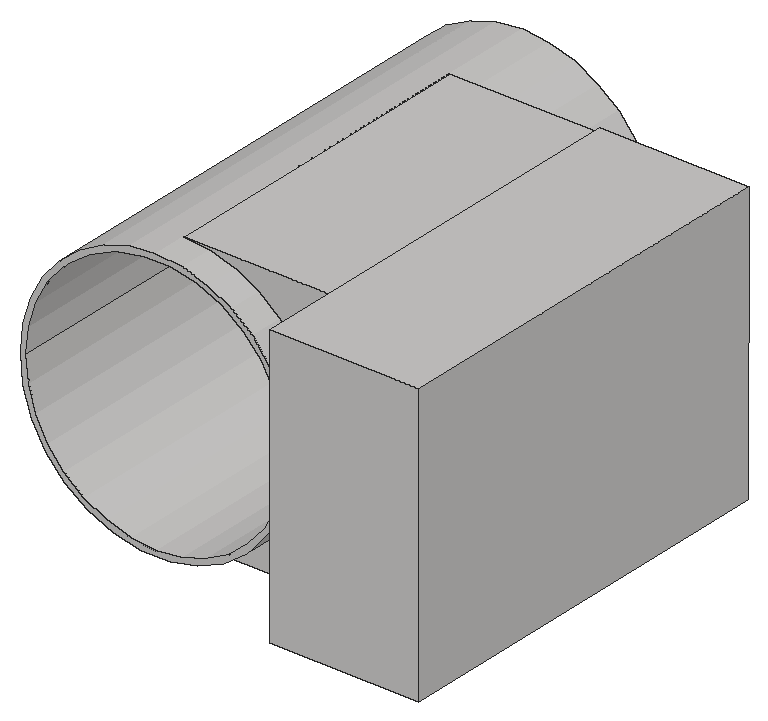
Revit family
Parameters
  Unit Weight = "23.0 lbs"
  URL = "http://www.titus-hvac.com/"
  Static Pressure [instance] = 0.00 in-wg
  Nominal Width = 1' - 7"
  Nominal Length = 1' - 10"
  Nominal Inlet Size = 1' - 0"
  Nominal Inlet Length = 1' - 8"
  Nominal Height = 1' - 0 1/4"
  Model = "DECV"
  Min. Air Flow = 0 CFM
  Max. Air Flow = 2000 CFM
  Material = Steel
  Manufacturer = "Titus"
  Inlet Radius = 0' - 5 15/16"
  Inlet Opening Radius = 0' - 5 11/16"
  Inlet Offset = 0' - 4"
  Inlet Extrusion Radius = 0' - 5 15/16"
  Inlet Diameter = 0' - 11 7/8"
  Inlet = Duct D / 2  # 0' - 5 15/16"
  Duct D = 0' - 11 7/8"
  Design Air Flow [instance] = 0 CFM
  Description = "Digital Control Terminal Unit, Retrofit, Variable Volume"
  Control Box Offset = 0' - 6 9/16"
  CADworks URL = "www.CADworks.net"
  Assembly Code = "D3040100"
Reference planes (in)
  plane 1 "Center (Front/Back)": y = 0
  plane 2: z = 0
  plane 3 "Center (Left/Right)": x = 0
  plane 4: y = 6
  plane 5: y = 10
  plane 6: y = -10
  plane 7: x = 6.5625
  plane 8: y = -12
  plane 9: z = 6.125
  plane 10: z = -6.125
  plane 11: x = 13.0625
  plane 12: x = -5.9375
Forms (in)
  Extrusion 1, solid, material "Steel" <- "Material"
    sketch origin (0, -8.5, 0) x (1, 0, 0) y (0, 0, 1)
      loop
        circle (0, 0) r 5.9375
    from -18.5 to 1.5
  Extrusion 2, solid, material "Steel" <- "Material"
    sketch origin (4.29125, 6, 3.56775) x (1, 0, 0) y (0, 0, 1)
      loop
        line (2.27125, 2.55725) -> (2.27125, -9.69275) -> (8.77125, -9.69275) -> (8.77125, 2.55725) -> (2.27125, 2.55725)
    from 0 to 18
  Extrusion 3, solid, material "Steel" <- "Material"
    sketch origin (0, 10, 0) x (-1, 0, 0) y (0, 0, -1)
      loop
        line (-6.5625, 5.9375) -> (-6.5625, -5.9375) -> (0, -5.9375)
        arc (0, -5.9375) -> (-5.9375, 0) -> (0, 5.9375) r 5.9375
        line (0, 5.9375) -> (-6.5625, 5.9375)
    from 4 to 18.5
  Extrusion 4, void
    sketch origin (0, -10, 0) x (1, 0, 0) y (0, 0, -1)
      loop
        circle (0, 0) r 5.6875
    from 0 to 24
Cuts and joins
  Extrusion 4 cuts Extrusion 1
  Extrusion 4 cuts Extrusion 3
Dimensions and locks (in)
  "Inlet Offset": plane 5 to plane 4
  locked: cut or joined group of Extrusion 1, Extrusion 4 to plane 5 at 0
  "Nominal Inlet Length": cut or joined group of Extrusion 1, Extrusion 4 to cut or joined group of Extrusion 1, Extrusion 4
  equal spacing: cut or joined group of Extrusion 1, Extrusion 4, plane 1 "Center (Front/Back)", cut or joined group of Extrusion 1, Extrusion 4
  "Nominal Inlet Length": plane 6 to plane 5
  equal spacing: plane 6, plane 1 "Center (Front/Back)", plane 5
  locked: Extrusion 2 to Extrusion 2 at 18
  locked: Extrusion 2 sketch curve to Extrusion 2 sketch curve at 6.5
  locked: Extrusion 2 sketch curve to Extrusion 2 sketch curve at 12.25
  Extrusion 2 sketch curve to Extrusion 2 sketch curve = 1' - 0 1/4"
  "Inlet Diameter": Extrusion 3 sketch curve to Extrusion 3 sketch curve
  locked: Extrusion 1 sketch curve to level at 0
  locked: Extrusion 1 sketch curve to plane 3 "Center (Left/Right)" at 0
  "Control Box Offset": plane 7 to plane 3 "Center (Left/Right)"
  "Control Box Offset": plane 3 "Center (Left/Right)" to plane 7
  locked: plane 6 to cut or joined group of Extrusion 3, Extrusion 4 at 1.5
  locked: cut or joined group of Extrusion 3, Extrusion 4 to plane 4 at 0
  equal spacing: cut or joined group of Extrusion 3, Extrusion 4, level, cut or joined group of Extrusion 3, Extrusion 4
  "Inlet Radius": radius of Extrusion 1 sketch curve
  "Inlet Extrusion Radius": radius of Extrusion 3 sketch curve
  "Inlet Opening Radius": radius of Extrusion 4 sketch curve
  aligned and locked: plane 9 to Extrusion 2
  aligned and locked: plane 10 to Extrusion 2
  aligned and locked: plane 3 "Center (Left/Right)" to Extrusion 3 sketch curve
  aligned and locked: plane 3 "Center (Left/Right)" to connector elem
  aligned and locked: connector elem to plane 3 "Center (Left/Right)"
  aligned and locked: plane 3 "Center (Left/Right)" to cut or joined group of Extrusion 3, Extrusion 4  (x3)
  aligned and locked: Extrusion 2 to plane 7
  aligned and locked: plane 7 to cut or joined group of Extrusion 3, Extrusion 4
  aligned and locked: cut or joined group of Extrusion 3, Extrusion 4 to Extrusion 2
Automatic sketch dimensions
  plane 7 to Extrusion 2 sketch curve = 0' - 0"
  Extrusion 2 sketch curve to level = 0' - 6 1/8"
  Extrusion 3 sketch curve to plane 7 = 0' - 0"
  Extrusion 3 sketch curve to level = 0' - 0"
Connectors (in)
  hvac at (0, -10, 0), driven by "Design Air Flow", driven by "Inlet", driven by "Static Pressure"
    settings: on cut or joined group of Extrusion 1, Extrusion 4, index 1
  hvac at (0, 10, 0), driven by "Static Pressure", driven by "Design Air Flow", driven by "Inlet"
    settings: on cut or joined group of Extrusion 1, Extrusion 4, index 2
